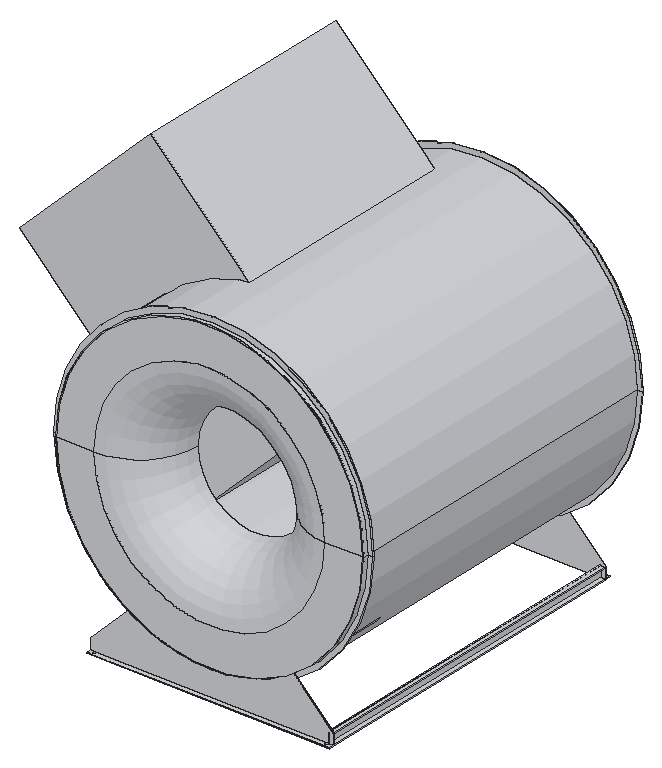
Revit family "QMX_Horizontal", category Mechanical Equipment, Revit 2019
Family settings
  Round Connector Dimension = Use Radius
  Part Type = Normal
  OmniClass Number = 23.75.35.17
  OmniClass Title = Fans
  Work Plane-Based = No
  Always vertical = Yes
  Cut with Voids When Loaded = No
  Shared = No
  Room Calculation Point = No
Parameters (values of type "600-QMX_HOR")
  Unit Weight [instance] = ""
  Type_Mark [instance] = ""
  Sones [instance] = ""
  ROTATION = 45.00°  # constant formula
  POSITION [instance] = if(MOT_H, 84", if(MOT_G, 72", if(MOT_F, 60", if(MOT_E, 48", if(MOT_D, 36", if(MOT_C, 24", if(MOT_B, 12", 0")))))))  # 84"
  Motor RPM [instance] = ""
  Motor Enclosure [instance] = ""
  ModelID [instance] = ""
  MOT_H [instance] = yes
  MOT_G [instance] = no
  MOT_F [instance] = no
  MOT_E [instance] = no
  MOT_D [instance] = no
  MOT_C [instance] = no
  MOT_B [instance] = no
  MOT_A [instance] = no
  MOTOR_H [instance] = if(POSITION = 84", E - D, 1")  # 72 1/16"
  MOTOR_G [instance] = if(POSITION = 72", E - D, 1")  # 1"
  MOTOR_F [instance] = if(POSITION = 60", E - D, 1")  # 1"
  MOTOR_E [instance] = if(POSITION = 48", E - D, 1")  # 1"
  MOTOR_D [instance] = if(POSITION = 36", E - D, 1")  # 1"
  MOTOR_C [instance] = if(POSITION = 24", E - D, 1")  # 1"
  MOTOR_B [instance] = if(POSITION = 12", E - D, 1")  # 1"
  MOTOR_A [instance] = if(POSITION = 0", E - D, 1")  # 1"
  MCHALF = 25 123/256"
  MOTORCOVER = MCHALF * 2  # 50 123/128"
  LwA [instance] = ""
  H/2 = H / 2  # 13/32"
  H = 13/16"
  G/2 = G / 2  # 47 7/16"
  Fan RPM [instance] = ""
  Brake Hp [instance] = ""
  Accessories [instance] = ""
  90 = 90.00°  # constant formula
  45 = 45.00°
  3 = 3"  # constant formula
  1.9375 = 1 15/16"  # constant formula
  -B/3*2 = -B / 3 * 2  # -63.66667"
  -(G/2)-.75 = -((G / 2) - 3/4")  # -46 11/16"
  (G/2)-.75 = (G / 2) - 3/4"  # 46 11/16"
  G+1.5 = G + 1 1/2"  # 96 3/8"
  G = 94 7/8"
  F/2 = F / 2  # 32"
  F-1.5 = F - 1 1/2"  # 62 1/2"
  F+1.5 = F + 1 1/2"  # 65 1/2"
  F = 64"
  E-D-1.5 = E - D - 1 1/2"  # 70 9/16"
  E-D = E - D  # 72 1/16"
  E = 122 1/16"
  D = 50"
  C/2 = C / 2  # 43 15/16"
  C = 87 7/8"
  B/8 = B / 6  # 15.91667"
  B/6 = B / 6  # 15.91667"
  B/3*2 = B / 3 * 2  # 63.66667"
  B/2 = B / 2  # 47 3/4"
  B/10 = B / 10  # 9.55"
  B = 95 1/2"
  A/8 = A / 8  # 10 39/64"
  A/4 = A / 4  # 21 7/32"
  A/2 = A / 2  # 42 7/16"
  A = 84 7/8"
  0 = 0"  # constant formula
  Voltage [instance] = 0 V
  URL = "www.lorencook.com"
  Type Comments = "Mixed Flow Inline Horizontal Mount Belt Drive Arrangement 9"  # constant formula
  Static Pressure [instance] = 0.00 in-wg
  Power [instance] = Voltage * Motor FLA * sqrt(if(Phase = 3, 3, 1))  # 0 VA
  Phase [instance] = 0
  Number of Poles [instance] = 1
  Motor Hp [instance] = "0"
  Motor FLA [instance] = 0 A
  Model = "QMX"  # constant formula
  Manufacturer = "Loren Cook Company"
  CFM [instance] = 0 CFM
  1.5 = 1 1/2"  # constant formula
  ONE EIGTH = 1/8"  # constant formula
  -(B/2) = -(B / 2)  # -47 3/4"
  (F+3)/2 = (F + 3") / 2  # 33 1/2"
  (A/2)-.125 = (A / 2) - 1/8"  # 42 5/16"
Types (19): name | POSITION | MOT_H | MOT_G | MOT_B | MOTOR_H | MOTOR_G | MOTOR_B | MCHALF | MOTORCOVER | H/2 | H | G/2 | -B/3*2 | -(G/2)-.75 | (G/2)-.75 | G+1.5 | G | F/2 | F-1.5 | F+1.5 | F | E-D-1.5 | E-D | E | D | C/2 | C | B/8 | B/6 | B/3*2 | B/2 | B/10 | B | A/8 | A/4 | A/2 | A | -(B/2) | (F+3)/2 | (A/2)-.125
  (no name) | 84" | yes | no | no | 72 1/16" | 1" | 1" | 25 123/256" | 50 123/128" | 13/32" | 13/16" | 47 7/16" | -63.66667" | -46 11/16" | 46 11/16" | 96 3/8" | 94 7/8" | 32" | 62 1/2" | 65 1/2" | 64" | 70 9/16" | 72 1/16" | 122 1/16" | 50" | 43 15/16" | 87 7/8" | 15.91667" | 15.91667" | 63.66667" | 47 3/4" | 9.55" | 95 1/2" | 10 39/64" | 21 7/32" | 42 7/16" | 84 7/8" | -47 3/4" | 33 1/2" | 42 5/16"
  90-QMX_HOR | 84" | yes | no | no | 22 3/4" | 1" | 1" | 6" | 12" | 1/4" | 1/2" | 9 3/16" | -13 1/4" | -8 7/16" | 8 7/16" | 19 7/8" | 18 3/8" | 6 3/16" | 10 7/8" | 13 7/8" | 12 3/8" | 21 1/4" | 22 3/4" | 31 1/4" | 8 1/2" | 7 15/16" | 15 7/8" | 3 5/16" | 3 5/16" | 13 1/4" | 9 15/16" | 1.9875" | 19 7/8" | 1 77/128" | 3 13/64" | 6 13/32" | 12 13/16" | -9 15/16" | 7 11/16" | 6 9/32"
  120-QMX_HOR | 84" | yes | no | no | 26 3/16" | 1" | 1" | 8" | 16" | 1/4" | 1/2" | 11 1/4" | -16" | -10 1/2" | 10 1/2" | 24" | 22 1/2" | 7 3/4" | 14" | 17" | 15 1/2" | 24 11/16" | 26 3/16" | 36 11/16" | 10 1/2" | 10 1/32" | 20 1/16" | 4" | 4" | 16" | 12" | 2.4" | 24" | 2 17/128" | 4 17/64" | 8 17/32" | 17 1/16" | -12" | 9 1/4" | 8 13/32"
  135-QMX_HOR | 84" | yes | no | no | 27 1/2" | 1" | 1" | 9" | 18" | 1/4" | 1/2" | 12 3/4" | -18" | -12" | 12" | 27" | 25 1/2" | 8 3/4" | 16" | 19" | 17 1/2" | 26" | 27 1/2" | 39 1/2" | 12" | 11 1/8" | 22 1/4" | 4 1/2" | 4 1/2" | 18" | 13 1/2" | 2.7" | 27" | 2 13/32" | 4 13/16" | 9 5/8" | 19 1/4" | -13 1/2" | 10 1/4" | 9 1/2"
  150-QMX_HOR | 84" | yes | no | no | 28 7/8" | 1" | 1" | 10" | 20" | 1/4" | 1/2" | 14 5/16" | -20" | -13 9/16" | 13 9/16" | 30 1/8" | 28 5/8" | 9 3/8" | 17 1/4" | 20 1/4" | 18 3/4" | 27 3/8" | 28 7/8" | 42 1/16" | 13 3/16" | 12 3/16" | 24 3/8" | 5" | 5" | 20" | 15" | 3" | 30" | 2 43/64" | 5 11/32" | 10 11/16" | 21 3/8" | -15" | 10 7/8" | 10 9/16"
  165-QMX_HOR | 84" | yes | no | no | 29 7/16" | 1" | 1" | 10" | 20" | 1/4" | 1/2" | 15 13/16" | -22" | -15 1/16" | 15 1/16" | 33 1/8" | 31 5/8" | 10 13/32" | 19 5/16" | 22 5/16" | 20 13/16" | 27 15/16" | 29 7/16" | 43 3/4" | 14 5/16" | 13 1/4" | 26 1/2" | 5 1/2" | 5 1/2" | 22" | 16 1/2" | 3.3" | 33" | 2 15/16" | 5 7/8" | 11 3/4" | 23 1/2" | -16 1/2" | 11 29/32" | 11 5/8"
  180-QMX_HOR | 84" | yes | no | no | 30 3/4" | 1" | 1" | 10" | 20" | 9/32" | 9/16" | 16 13/16" | -23.33333" | -16 1/16" | 16 1/16" | 35 1/8" | 33 5/8" | 11 13/32" | 21 5/16" | 24 5/16" | 22 13/16" | 29 1/4" | 30 3/4" | 46 1/4" | 15 1/2" | 14 5/16" | 28 5/8" | 5.83333" | 5.83333" | 23.33333" | 17 1/2" | 3 1/2" | 35" | 3 13/64" | 6 13/32" | 12 13/16" | 25 5/8" | -17 1/2" | 12 29/32" | 12 11/16"
  202-QMX_HOR | 84" | yes | no | no | 32 11/16" | 1" | 1" | 10" | 20" | 9/32" | 9/16" | 18 1/16" | -25" | -17 5/16" | 17 5/16" | 37 5/8" | 36 1/8" | 12 1/8" | 22 3/4" | 25 3/4" | 24 1/4" | 31 3/16" | 32 11/16" | 49 15/16" | 17 1/4" | 15 7/8" | 31 3/4" | 6 1/4" | 6 1/4" | 25" | 18 3/4" | 3 3/4" | 37 1/2" | 3 19/32" | 7 3/16" | 14 3/8" | 28 3/4" | -18 3/4" | 13 5/8" | 14 1/4"
  225-QMX_HOR | 84" | yes | no | no | 36 13/16" | 1" | 1" | 10 165/256" | 21 37/128" | 9/32" | 9/16" | 19 13/16" | -27.33333" | -19 1/16" | 19 1/16" | 41 1/8" | 39 5/8" | 13 15/32" | 25 7/16" | 28 7/16" | 26 15/16" | 35 5/16" | 36 13/16" | 55 13/16" | 19" | 17 15/32" | 34 15/16" | 6.83333" | 6.83333" | 27.33333" | 20 1/2" | 4.1" | 41" | 3 127/128" | 7 63/64" | 15 31/32" | 31 15/16" | -20 1/2" | 14 31/32" | 15 27/32"
  245-QMX_HOR | 84" | yes | no | no | 38 1/2" | 1" | 1" | 11 149/256" | 23 21/128" | 11/32" | 11/16" | 21 9/16" | -29.66667" | -20 13/16" | 20 13/16" | 44 5/8" | 43 1/8" | 14 15/32" | 27 7/16" | 30 7/16" | 28 15/16" | 37" | 38 1/2" | 59" | 20 1/2" | 18 7/8" | 37 3/4" | 7.41667" | 7.41667" | 29.66667" | 22 1/4" | 4.45" | 44 1/2" | 4 11/32" | 8 11/16" | 17 3/8" | 34 3/4" | -22 1/4" | 15 31/32" | 17 1/4"
  270-QMX_HOR | 12" | no | no | yes | 1" | 1" | 40 7/16" | 12 197/256" | 25 69/128" | 11/32" | 11/16" | 22 13/16" | -31.33333" | -22 1/16" | 22 1/16" | 47 1/8" | 45 5/8" | 15 1/2" | 29 1/2" | 32 1/2" | 31" | 38 15/16" | 40 7/16" | 62 7/8" | 22 7/16" | 20 21/32" | 41 5/16" | 7.83333" | 7.83333" | 31.33333" | 23 1/2" | 4.7" | 47" | 4 101/128" | 9 37/64" | 19 5/32" | 38 5/16" | -23 1/2" | 17" | 19 1/32"
  300-QMX_HOR | 84" | yes | no | no | 43 5/16" | 1" | 1" | 14 43/256" | 28 43/128" | 11/32" | 11/16" | 26 5/16" | -36" | -25 9/16" | 25 9/16" | 54 1/8" | 52 5/8" | 16 7/8" | 32 1/4" | 35 1/4" | 33 3/4" | 41 13/16" | 43 5/16" | 68 1/16" | 24 3/4" | 22 3/4" | 45 1/2" | 9" | 9" | 36" | 27" | 5.4" | 54" | 5 5/16" | 10 5/8" | 21 1/4" | 42 1/2" | -27" | 18 3/8" | 21 1/8"
  330-QMX_HOR | 84" | yes | no | no | 47 13/16" | 1" | 1" | 15 149/256" | 31 21/128" | 11/32" | 11/16" | 28 9/16" | -39" | -27 13/16" | 27 13/16" | 58 5/8" | 57 1/8" | 18 3/8" | 35 1/4" | 38 1/4" | 36 3/4" | 46 5/16" | 47 13/16" | 74 13/16" | 27" | 24 7/8" | 49 3/4" | 9 3/4" | 9 3/4" | 39" | 29 1/4" | 5.85" | 58 1/2" | 5 27/32" | 11 11/16" | 23 3/8" | 46 3/4" | -29 1/4" | 19 7/8" | 23 1/4"
  365-QMX_HOR | 84" | yes | no | no | 50 7/16" | 1" | 1" | 17 1/4" | 34 1/2" | 13/32" | 13/16" | 31 11/16" | -42.66667" | -30 15/16" | 30 15/16" | 64 7/8" | 63 3/8" | 20 1/4" | 39" | 42" | 40 1/2" | 48 15/16" | 50 7/16" | 80 1/4" | 29 13/16" | 27 3/8" | 54 3/4" | 10.66667" | 10.66667" | 42.66667" | 32" | 6.4" | 64" | 6 15/32" | 12 15/16" | 25 7/8" | 51 3/4" | -32" | 21 3/4" | 25 3/4"
  402-QMX_HOR | 72" | no | yes | no | 1" | 55 5/8" | 1" | 18 251/256" | 37 123/128" | 13/32" | 13/16" | 33 15/16" | -45.66667" | -33 3/16" | 33 3/16" | 69 3/8" | 67 7/8" | 22" | 42 1/2" | 45 1/2" | 44" | 54 1/8" | 55 5/8" | 88 5/16" | 32 11/16" | 29 31/32" | 59 15/16" | 11.41667" | 11.41667" | 45.66667" | 34 1/4" | 6.85" | 68 1/2" | 7 15/128" | 14 15/64" | 28 15/32" | 56 15/16" | -34 1/4" | 23 1/2" | 28 11/32"
  445-QMX_HOR | 84" | yes | no | no | 58 7/8" | 1" | 1" | 21 5/256" | 42 5/128" | 13/32" | 13/16" | 36 11/16" | -49.33333" | -35 15/16" | 35 15/16" | 74 7/8" | 73 3/8" | 24 1/8" | 46 3/4" | 49 3/4" | 48 1/4" | 57 3/8" | 58 7/8" | 94 7/8" | 36" | 33 1/32" | 66 1/16" | 12.33333" | 12.33333" | 49.33333" | 37" | 7.4" | 74" | 7 113/128" | 15 49/64" | 31 17/32" | 63 1/16" | -37" | 25 5/8" | 31 13/32"
  490-QMX_HOR | 84" | yes | no | no | 63 15/16" | 1" | 1" | 23 1/8" | 46 1/4" | 13/32" | 13/16" | 39 15/16" | -53.66667" | -39 3/16" | 39 3/16" | 81 3/8" | 79 7/8" | 26 3/8" | 51 1/4" | 54 1/4" | 52 3/4" | 62 7/16" | 63 15/16" | 103 3/8" | 39 7/16" | 36 3/16" | 72 3/8" | 13.41667" | 13.41667" | 53.66667" | 40 1/4" | 8.05" | 80 1/2" | 8 43/64" | 17 11/32" | 34 11/16" | 69 3/8" | -40 1/4" | 27 7/8" | 34 9/16"
  540-QMX_HOR | 84" | yes | no | no | 67 5/8" | 1" | 1" | 25 123/256" | 50 123/128" | 13/32" | 13/16" | 43 3/16" | -58" | -42 7/16" | 42 7/16" | 87 7/8" | 86 3/8" | 29" | 56 1/2" | 59 1/2" | 58" | 66 1/8" | 67 5/8" | 110 15/16" | 43 5/16" | 39 23/32" | 79 7/16" | 14 1/2" | 14 1/2" | 58" | 43 1/2" | 8.7" | 87" | 9 71/128" | 19 7/64" | 38 7/32" | 76 7/16" | -43 1/2" | 30 1/2" | 38 3/32"
  600-QMX_HOR | 84" | yes | no | no | 72 1/16" | 1" | 1" | 25 123/256" | 50 123/128" | 13/32" | 13/16" | 47 7/16" | -63.66667" | -46 11/16" | 46 11/16" | 96 3/8" | 94 7/8" | 32" | 62 1/2" | 65 1/2" | 64" | 70 9/16" | 72 1/16" | 122 1/16" | 50" | 43 15/16" | 87 7/8" | 15.91667" | 15.91667" | 63.66667" | 47 3/4" | 9.55" | 95 1/2" | 10 39/64" | 21 7/32" | 42 7/16" | 84 7/8" | -47 3/4" | 33 1/2" | 42 5/16"
Reference planes (in)
  plane 1 "Center (Front/Back)": y = 0
  plane 2: z = 0
  plane 3 "Center (Left/Right)": x = 0.40541
Forms (in)
  Extrusion 1, solid
    sketch origin (0, 0, 0) x (1, 0, 0) y (0, 0, 1)
      loop
        circle (0.40541, 0) r 42.4375
      loop
        circle (0.40541, 0) r 42.3125
    from -47.75 <- "-(B/2)" to 47.75 <- "B/2"
  Revolve 2, solid
    sketch origin (0, 0, 0) x (1, 0, 0) y (0, 1, 0)
      loop
        line (-41.90709, -47.75) -> (0.40541, -47.75) -> (0.40541, -31.83333) -> (-41.90709, -31.83333) -> (-41.90709, -47.75)
      axis (0.40541, -47.75) -> (0.40541, -31.83333)
    angle from 0 to 360
  Revolve 3, void
    sketch origin (0, 0, 0) x (1, 0, 0) y (0, 1, 0)
      loop
        line (0.40541, -31.83333) -> (-15.51125, -31.83333)
        arc (-15.51125, -31.83333) -> (-20.17314, -43.08812) -> (-31.42792, -47.75) r 15.91667
        line (-31.42792, -47.75) -> (0.40541, -47.75) -> (0.40541, -31.83333)
      axis (0.40541, -31.83333) -> (0.40541, -47.75)
    angle from 0 to 360
  Revolve 4, solid
    sketch origin (0, 0, 0) x (1, 0, 0) y (0, 1, 0)
      loop
        line (0.40541, 47.75) -> (-15.51125, 47.75) -> (-15.51125, 0) -> (0.40541, 0) -> (0.40541, 47.75)
      axis (0.40541, 47.75) -> (0.40541, 0)
    angle from 0 to 360
  Revolve 5, solid
    sketch origin (0, 0, 0) x (1, 0, 0) y (0, 1, 0)
      loop
        line (-43.53209, 46.5) -> (-43.53209, 46.375) -> (-42.03209, 46.375) -> (-42.03209, 46.5) -> (-43.53209, 46.5)
      loop
        line (-43.53209, -46.25) -> (-43.53209, -46.375) -> (-42.03209, -46.375) -> (-42.03209, -46.25) -> (-43.53209, -46.25)
      axis (0.40541, 46.5) -> (0.40541, -46.375)
    angle from 0 to 360
  Extrusion 6, solid, visible <- "MOT_A"
    sketch origin (0.40541, 46.375, 0) x (-1, 0, 0) y (0, 0, -1)
      loop
        line (10.60937, 0) -> (-10.60938, 0) -> (-10.60938, -0.875) -> (10.60937, -0.875) -> (10.60937, 0)
    from 0 to 9.55 <- "B/10"
  Extrusion 7, solid, visible <- "MOT_A"
    sketch origin (0.40541, 36.825, 0) x (-1, 0, 0) y (0, 0, -1)
      loop
        line (25.48047, 0) -> (-25.48047, 0) -> (-25.48047, -1) -> (25.48047, -1) -> (25.48047, 0)
    from 0 to 63.66667 <- "B/3*2"
  Extrusion 8, solid
    sketch origin (0, 0, 0) x (1, 0, 0) y (0, 0, 1)
      loop
        line (-33.09459, -47) -> (-33.09459, -47.125) -> (-31.71959, -47.125) -> (-31.71959, -49.875) -> (-33.09459, -49.875) -> (-33.09459, -50) -> (-31.59459, -50) -> (-31.59459, -47) -> (-33.09459, -47)
    from -46.6875 <- "-(G/2)-.75" to 46.6875 <- "(G/2)-.75"
  Extrusion 9, solid
    sketch origin (0.81082, 0, 0) x (-1, 0, 0) y (0, 0, -1)
      loop
        line (-33.09459, 47) -> (-31.59459, 47) -> (-31.59459, 50) -> (-33.09459, 50) -> (-33.09459, 49.875) -> (-31.71959, 49.875) -> (-31.71959, 47.125) -> (-33.09459, 47.125) -> (-33.09459, 47)
    from -46.6875 <- "-(G/2)-.75" to 46.6875 <- "(G/2)-.75"
  Extrusion 10, solid
    sketch origin (0, -46.6875, 0) x (1, 0, 0) y (0, 0, 1)
      loop
        line (33.90541, -50) -> (33.90541, -47) -> (22.89423, -35.98881)
        arc (22.89423, -35.98881) -> (0.40541, -42.4375) -> (-22.0834, -35.98881) r 42.4375
        line (-22.0834, -35.98881) -> (-33.09459, -47) -> (-33.09459, -50) -> (33.90541, -50)
    from 0 to 0.125
  Extrusion 11, solid
    sketch origin (0, 46.6875, 0) x (-1, 0, 0) y (0, 0, 1)
      loop
        line (33.09459, -50) -> (33.09459, -47) -> (22.0834, -35.98881)
        arc (22.0834, -35.98881) -> (-0.40541, -42.4375) -> (-22.89423, -35.98881) r 42.4375
        line (-22.89423, -35.98881) -> (-33.90541, -47) -> (-33.90541, -50) -> (33.09459, -50)
    from 0 to 0.125
  Extrusion 12, solid
    sketch origin (32.40541, 0, -50) x (0, -1, 0) y (-1, 0, 0)
      loop
        line (46.8125, -1.5) -> (48.3125, -1.5) -> (48.3125, 65.5) -> (46.8125, 65.5) -> (46.8125, -1.5)
      loop
        line (-46.8125, -1.5) -> (-46.8125, 65.5) -> (-48.3125, 65.5) -> (-48.3125, -1.5) -> (-46.8125, -1.5)
    from 0 to -0.125
  Extrusion 13, void
    sketch origin (32.40541, 0, -49.875) x (1, 0, 0) y (0, -1, 0)
      loop
        circle (0, 47.4375) r 0.40625
      loop
        circle (-64, 47.4375) r 0.40625
      loop
        circle (-64, -47.4375) r 0.40625
      loop
        circle (0, -47.4375) r 0.40625
    from 0 to 0.125
  Extrusion 14, solid, visible <- "MOT_B"
    sketch origin (0.40541, -26.84167, 0) x (-1, 0, 0) y (0, 0, -1)
      loop
        line (18.01741, -18.01741) -> (-18.01741, 18.01741) -> (-18.72452, 17.31031) -> (17.31031, -18.72452) -> (18.01741, -18.01741)
    from 0 to -63.66667 <- "-B/3*2"
  Extrusion 15, solid, visible <- "MOT_C"
    sketch origin (0.40541, -26.84167, 0) x (-1, 0, 0) y (0, 0, -1)
      loop
        line (-1, -25.48047) -> (0, -25.48047) -> (0, 25.48047) -> (-1, 25.48047) -> (-1, -25.48047)
    from 0 to -63.66667 <- "-B/3*2"
  Extrusion 16, solid, visible <- "MOT_D"
    sketch origin (0.40541, -26.84167, 0) x (-1, 0, 0) y (0, 0, -1)
      loop
        line (18.01741, 18.01741) -> (17.31031, 18.72452) -> (-18.72452, -17.31031) -> (-18.01741, -18.01741) -> (18.01741, 18.01741)
    from 0 to -63.66667 <- "-B/3*2"
  Extrusion 17, solid, visible <- "MOT_E"
    sketch origin (0.40541, -26.84167, 0) x (-1, 0, 0) y (0, 0, -1)
      loop
        line (25.48047, 1) -> (-25.48047, 1) -> (-25.48047, 0) -> (25.48047, 0) -> (25.48047, 1)
    from 0 to -63.66667 <- "-B/3*2"
  Extrusion 18, solid, visible <- "MOT_F"
    sketch origin (0.40541, -26.84167, 0) x (-1, 0, 0) y (0, 0, -1)
      loop
        line (18.72452, -17.31031) -> (-17.31031, 18.72452) -> (-18.01741, 18.01741) -> (18.01741, -18.01741) -> (18.72452, -17.31031)
    from 0 to -63.66667 <- "-B/3*2"
  Extrusion 19, solid, visible <- "MOT_G"
    sketch origin (0.40541, -26.84167, 0) x (-1, 0, 0) y (0, 0, -1)
      loop
        line (1, -25.48047) -> (1, 25.48047) -> (0, 25.48047) -> (0, -25.48047) -> (1, -25.48047)
    from 0 to -63.66667 <- "-B/3*2"
  Extrusion 20, solid, visible <- "MOT_H"
    sketch origin (0.40541, -26.84167, 0) x (-1, 0, 0) y (0, 0, -1)
      loop
        line (32.93847, -68.97329) -> (68.97329, -32.93847) -> (18.01741, 18.01741) -> (-18.01741, -18.01741) -> (32.93847, -68.97329)
    from 0 to -63.66667 <- "-B/3*2"
  Extrusion 21, solid, visible <- "MOT_B"
    sketch origin (0.40541, 36.825, 0) x (1, 0, 0) y (0, 0, -1)
      loop
        line (8.12068, 6.88324) -> (7.50196, 7.50196) -> (-7.50196, -7.50196) -> (-6.88324, -8.12068) -> (8.12068, 6.88324)
    from 0 to 9.55 <- "B/10"
  Extrusion 22, solid, visible <- "MOT_C"
    sketch origin (0.40541, 36.825, 0) x (1, 0, 0) y (0, 0, -1)
      loop
        line (0.875, -10.60938) -> (0.875, 10.60938) -> (0, 10.60938) -> (0, -10.60938) -> (0.875, -10.60938)
    from 0 to 9.55 <- "B/10"
  Extrusion 23, solid, visible <- "MOT_D"
    sketch origin (0.40541, 36.825, 0) x (1, 0, 0) y (0, 0, -1)
      loop
        line (8.12068, -6.88324) -> (-6.88324, 8.12068) -> (-7.50196, 7.50196) -> (7.50196, -7.50196) -> (8.12068, -6.88324)
    from 0 to 9.55 <- "B/10"
  Extrusion 24, solid, visible <- "MOT_E"
    sketch origin (0.40541, 36.825, 0) x (1, 0, 0) y (0, 0, -1)
      loop
        line (10.60938, 0.875) -> (-10.60937, 0.875) -> (-10.60937, 0) -> (10.60938, 0) -> (10.60938, 0.875)
    from 0 to 9.55 <- "B/10"
  Extrusion 25, solid, visible <- "MOT_F"
    sketch origin (0.40541, 36.825, 0) x (1, 0, 0) y (0, 0, -1)
      loop
        line (7.50196, 7.50196) -> (6.88324, 8.12068) -> (-8.12068, -6.88324) -> (-7.50196, -7.50196) -> (7.50196, 7.50196)
    from 0 to 9.55 <- "B/10"
  Extrusion 26, solid, visible <- "MOT_G"
    sketch origin (0.40541, 36.825, 0) x (1, 0, 0) y (0, 0, -1)
      loop
        line (0, -10.60938) -> (0, 10.60938) -> (-0.875, 10.60938) -> (-0.875, -10.60938) -> (0, -10.60938)
    from 0 to 9.55 <- "B/10"
  Extrusion 27, solid, visible <- "MOT_H"
    sketch origin (0.40541, 36.825, 0) x (1, 0, 0) y (0, 0, -1)
      loop
        line (-43.36553, -58.36946) -> (7.50196, -7.50196) -> (-7.50196, 7.50196) -> (-58.36946, -43.36553) -> (-43.36553, -58.36946)
    from 0 to 9.55 <- "B/10"
Cuts and joins
  Revolve 3 cuts Revolve 2
  Extrusion 13 cuts Extrusion 8
  Extrusion 13 cuts Extrusion 9
  Extrusion 13 cuts Extrusion 10
  Extrusion 13 cuts Extrusion 11
  Extrusion 13 cuts Extrusion 12
Lines and regions (in)
  reference lines
    curve 1: line (0.40541, -46.6875, 0) -> (-50.55047, -46.6875, 50.95588)
    curve 2: line (0.40541, -46.6875, 0) -> (51.36129, -46.6875, 50.95588)
    curve 3: line (-50.55047, -46.6875, -50.95588) -> (0.40541, -46.6875, 0)
    curve 4: line (0.40541, -46.6875, 0) -> (51.36129, -46.6875, -50.95588)
Dimensions and locks (in)
  "0": Extrusion 1 sketch curve to level  (x2)
  "0": Revolve 2 sketch curve to plane 3 "Center (Left/Right)"  (x2)
  "0": Revolve 2 sketch curve to Extrusion 1
  "(A/2)-.125": Revolve 2 sketch curve to plane 3 "Center (Left/Right)"
  "B/8": Revolve 2 sketch curve to Extrusion 1
  "B/8": Revolve 3 sketch curve to plane 3 "Center (Left/Right)"
  "0": Revolve 3 sketch curve to Extrusion 1
  "0": Revolve 3 sketch curve to Revolve 2
  "0": Revolve 3 sketch curve to plane 3 "Center (Left/Right)"  (x2)
  "0": Revolve 4 sketch curve to plane 1 "Center (Front/Back)"
  "0": Revolve 4 sketch curve to plane 3 "Center (Left/Right)"  (x2)
  "B/8": Revolve 4 sketch curve to Revolve 4 sketch curve
  "ONE EIGTH": Revolve 5 sketch curve to Revolve 5 sketch curve  (x2)
  "A/2": Revolve 5 sketch curve to plane 3 "Center (Left/Right)"  (x2)
  "C/2": Revolve 5 sketch curve to plane 3 "Center (Left/Right)"  (x2)
  "0": Revolve 5 sketch curve to plane 3 "Center (Left/Right)"
  "(F+3)/2": plane 3 "Center (Left/Right)" to Extrusion 8 sketch curve
  "3": Extrusion 8 sketch curve to Extrusion 8 sketch curve
  "ONE EIGTH": Extrusion 8 sketch curve to Extrusion 8 sketch curve  (x3)
  "1.5": Extrusion 8 sketch curve to Extrusion 8 sketch curve
  "D": level to Extrusion 8 sketch curve
  "3": Extrusion 9 sketch curve to Extrusion 9 sketch curve
  "ONE EIGTH": Extrusion 9 sketch curve to Extrusion 9 sketch curve  (x3)
  "1.5": Extrusion 9 sketch curve to Extrusion 9 sketch curve
  "D": level to Extrusion 9 sketch curve
  "(F+3)/2": Extrusion 9 sketch curve to plane 3 "Center (Left/Right)"
  "0": Extrusion 10 sketch curve to plane 3 "Center (Left/Right)"
  "0": level to Extrusion 10 sketch curve
  "0": Extrusion 9 to Extrusion 10 sketch curve  (x3)
  "0": Extrusion 10 sketch curve to Extrusion 8  (x2)
  "0": Extrusion 10 sketch curve to Extrusion 10 sketch curve
  Extrusion 9 to Extrusion 10 = 0"
  "0": Extrusion 10 to Extrusion 11 sketch curve
  "0": Extrusion 11 sketch curve to level
  "0": Extrusion 11 sketch curve to plane 3 "Center (Left/Right)"
  "0": Extrusion 12 sketch curve to Extrusion 8  (x2)
  "1.5": Extrusion 10 to Extrusion 12 sketch curve
  "0": Extrusion 12 sketch curve to Extrusion 10
  "0": Extrusion 9 to Extrusion 12 sketch curve
  "0": Extrusion 12 sketch curve to Extrusion 11
  "1.5": Extrusion 12 sketch curve to Extrusion 11
  "0": Extrusion 12 sketch curve to Extrusion 9
  "G/2": plane 1 "Center (Front/Back)" to Extrusion 13 sketch curve  (x2)
  "F/2": plane 3 "Center (Left/Right)" to Extrusion 13 sketch curve  (x2)
  "F/2": Extrusion 13 sketch curve to plane 3 "Center (Left/Right)"  (x2)
  "G/2": Extrusion 13 sketch curve to plane 1 "Center (Front/Back)"  (x2)
  "1.9375": cut or joined group of Extrusion 12, Extrusion 13 to Revolve 5 sketch curve  (x2)
  "0": Extrusion 1 to Revolve 4 sketch curve
  "0": curve 1 to level
  "0": plane 3 "Center (Left/Right)" to curve 1
  "E-D": curve 1 to curve 1
  "0": curve 2 to plane 3 "Center (Left/Right)"
  "0": curve 2 to level
  "E-D": curve 2 to curve 2
  "MCHALF": plane 3 "Center (Left/Right)" to Extrusion 7 sketch curve
  "MCHALF": Extrusion 7 sketch curve to plane 3 "Center (Left/Right)"
  "0": Extrusion 7 sketch curve to level
  "MOTOR_A": Extrusion 7 sketch curve to level
  "0": Extrusion 6 sketch curve to level
  "ONE EIGTH": Extrusion 7 to Extrusion 6 sketch curve
  "A/8": plane 3 "Center (Left/Right)" to Extrusion 6 sketch curve  (x2)
  "0": level to curve 3
  "0": level to curve 4
  "0": curve 4 to plane 3 "Center (Left/Right)"
  "0": plane 3 "Center (Left/Right)" to curve 3
  "E-D": curve 3 to curve 3
  "E-D": curve 4 to curve 4
  "MCHALF": Extrusion 14 sketch curve to curve 2
  "MCHALF": curve 2 to Extrusion 14 sketch curve
  "MOTOR_B": Extrusion 14 sketch curve to Extrusion 14 sketch curve
  "0": Extrusion 14 sketch curve to curve 4
  "0": Extrusion 15 sketch curve to plane 3 "Center (Left/Right)"
  "MOTOR_C": Extrusion 15 sketch curve to plane 3 "Center (Left/Right)"
  "MCHALF": Extrusion 15 sketch curve to level
  "MCHALF": level to Extrusion 15 sketch curve
  "0": Extrusion 16 sketch curve to curve 3
  "MOTOR_D": Extrusion 16 sketch curve to curve 3
  "MCHALF": curve 4 to Extrusion 16 sketch curve
  "MCHALF": Extrusion 16 sketch curve to curve 4
  "0": Extrusion 17 sketch curve to level
  "MOTOR_E": level to Extrusion 17 sketch curve
  "MCHALF": Extrusion 17 sketch curve to plane 3 "Center (Left/Right)"  (x2)
  "0": curve 1 to Extrusion 18 sketch curve
  "MOTOR_F": curve 1 to Extrusion 18 sketch curve
  "MCHALF": Extrusion 18 sketch curve to curve 3  (x2)
  "0": Extrusion 19 sketch curve to plane 3 "Center (Left/Right)"
  "MOTOR_G": plane 3 "Center (Left/Right)" to Extrusion 19 sketch curve
  "MCHALF": Extrusion 19 sketch curve to level
  "MCHALF": level to Extrusion 19 sketch curve
  "0": curve 3 to Extrusion 20 sketch curve
  "MOTOR_H": curve 3 to Extrusion 20 sketch curve
  "MCHALF": Extrusion 20 sketch curve to curve 1  (x2)
  "0": Extrusion 21 sketch curve to curve 4
  "ONE EIGTH": Extrusion 21 sketch curve to Extrusion 14
  "A/8": curve 2 to Extrusion 21 sketch curve  (x2)
  "0": Extrusion 22 sketch curve to plane 3 "Center (Left/Right)"
  "ONE EIGTH": Extrusion 22 sketch curve to Extrusion 15
  "A/8": level to Extrusion 22 sketch curve
  "A/8": Extrusion 22 sketch curve to level
  "ONE EIGTH": Extrusion 16 to Extrusion 23 sketch curve
  "0": curve 3 to Extrusion 23 sketch curve
  "A/8": Extrusion 23 sketch curve to curve 4
  "A/8": curve 4 to Extrusion 23 sketch curve
  "ONE EIGTH": Extrusion 17 to Extrusion 24 sketch curve
  "0": Extrusion 24 sketch curve to level
  "A/8": Extrusion 24 sketch curve to Extrusion 19  (x2)
  "0": curve 4 to Extrusion 25 sketch curve
  "ONE EIGTH": Extrusion 18 to Extrusion 25 sketch curve
  "A/8": Extrusion 25 sketch curve to curve 3  (x2)
  "A/8": level to Extrusion 26 sketch curve
  "A/8": Extrusion 26 sketch curve to level
  "0": plane 3 "Center (Left/Right)" to Extrusion 26 sketch curve
  "ONE EIGTH": Extrusion 26 sketch curve to Extrusion 19
  "ONE EIGTH": Extrusion 27 sketch curve to Extrusion 20
  "0": Extrusion 27 sketch curve to Extrusion 20
  "A/8": curve 1 to Extrusion 27 sketch curve  (x2)
  "A/2": radius of Extrusion 1 sketch curve
  "(A/2)-.125": radius of Extrusion 1 sketch curve
  "B/8": radius of Revolve 3 sketch curve
  "A/2": radius of Extrusion 10 sketch curve
  "A/2": radius of Extrusion 11 sketch curve
  "H/2": radius of Extrusion 13 sketch curve  (x4)
  "45": angle Extrusion 8 to Extrusion 10 sketch curve
  "45": angle Extrusion 10 sketch curve to Extrusion 9
  "45": angle Extrusion 11 sketch curve to Extrusion 10
  "45": angle Extrusion 10 to Extrusion 11 sketch curve
  "ROTATION": angle curve 1 to level
  "90": angle curve 2 to curve 1
  "45": angle level to curve 3
  "45": angle curve 4 to level
Automatic sketch dimensions
  Extrusion 1 sketch curve to Extrusion 1 sketch curve = 0"
  Extrusion 1 sketch curve to plane 3 "Center (Left/Right)" = 0"
  Revolve 2 sketch curve to Revolve 2 sketch curve = 0"
  plane 1 "Center (Front/Back)" to Revolve 2 sketch curve = 3.17163"
  Revolve 3 sketch curve to Revolve 3 sketch curve = 0"  (x3)
  Revolve 3 sketch curve to Revolve 3 sketch curve = 3"
  Revolve 4 sketch curve to plane 1 "Center (Front/Back)" = 0"
  Revolve 4 sketch curve to Revolve 4 sketch curve = 4"
  Revolve 5 sketch curve to Revolve 5 sketch curve = 1 1/2"
  Revolve 5 sketch curve to Revolve 5 sketch curve = 4"
  Extrusion 8 sketch curve to Extrusion 8 sketch curve = 1 3/8"
  Extrusion 9 sketch curve to Extrusion 9 sketch curve = 0"
  Extrusion 10 sketch curve to Extrusion 8 = 0"
  Extrusion 10 sketch curve to Extrusion 10 sketch curve = 0"
  Extrusion 11 sketch curve to Extrusion 8 = 0"  (x4)
Connectors (in)
  hvac at (0.40541, -47.75, 0), driven by "A/2"
    settings: on cut or joined group of Revolve 2, Revolve 3, index 1, duct flow 0 CFM, flow factor 0, pres drop 0.00 in-wg, loss coef 0, conn angle 0.00°, conn width 12", conn height 12", conn diameter 84 7/8", duct sys type 29, conn prof type 0, flow config 0, flow direction 1, loss method 0, conn ref index -1, conn util no, is conn primary yes, conn desc ""
  hvac at (0.40541, 47.75, 0), driven by "A/2"
    settings: on Extrusion 1, index 2, duct flow 0 CFM, flow factor 0, pres drop 0.00 in-wg, loss coef 0, conn angle 0.00°, conn width 12", conn height 12", conn diameter 84 7/8", duct sys type 29, conn prof type 0, flow config 0, flow direction 2, loss method 0, conn ref index -1, conn util no, is conn primary no, conn desc ""
  electrical at (0.40541, -46.375, 0)
    settings: on Revolve 5, index 3, voltage 0 V, apparent load 0 VA, apparent load phase1 0 VA, apparent load phase2 0 VA, apparent load phase3 0 VA, power factor 1, load classification "Other", number of poles 1, system type 31, power factor state 1, is connector primary yes, connector utility no, sub classification motor no, connector description ""
